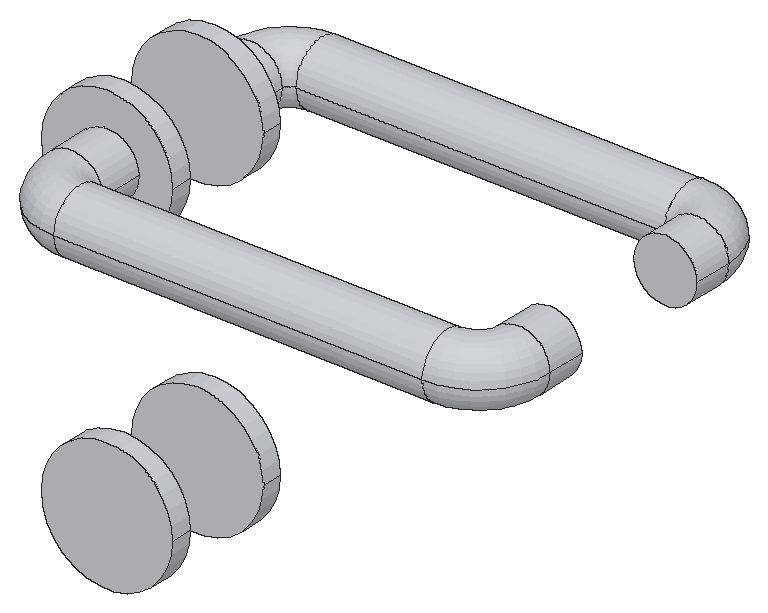
Revit family "Maçaneta da porta 1", category Portas, Revit 2019
Family settings
  Com base no plano de trabalho = Não
  Sempre na vertical = Sim
  Corte com vazios quando carregada = Não
  Compartilhado = Não
  Ponto de cálculo do ambiente = Não
Parameters (values of type "Puxador horizontal")
  Espessura do painel = 35 mm
  Distância do furo da trava = 120 mm
  Com furo para trava = yes
  Material do puxador = none
  Função = Interior
Reference planes
  plane 1 "Centro (Frente/Trás)": y = 5.614
  plane 2: z = 0
  plane 3 "Centro (Esquerda/Direita)": x = 0
  plane 4 "Topo do puxador": z = 170
  plane 5: z = 50
  plane 6: y = -11.886
  plane 7: y = 23.114
Forms (mm)
  Extrusion 1, solid, material <- "Material do puxador"
    sketch origin (0, 5.614, 0) x (1, 0, 0) y (0, 0, 1)
      loop
        circle (0, 170) r 25
    from 17.5 to 25.5
  Extrusion 2, solid, material <- "Material do puxador", visible <- "Com furo para trava"
    sketch origin (0, 0, -120) x (1, 0, 0) y (0, 0, 1)
      loop
        circle (0, 170) r 25
    from 11.886 to 19.886
  Sweep 3, solid, material <- "Material do puxador"
    path origin (0, 0, 1000) x (0, -1, 0) y (1, 0, 0)
      loop
        line (19.886, 0) -> (36.886, 0)
        arc (36.886, 0) -> (47.493, 4.393) -> (51.886, 15) r 15
        line (51.886, 15) -> (51.886, 155)
        arc (51.886, 155) -> (47.493, 165.607) -> (36.886, 170) r 15
        line (36.886, 170) -> (21.886, 170)
    profile origin (0, -28.386, 0) x (1, 0, 0) y (0, 0, 1)
      loop
        circle (0, 170) r 12
  Extrusion 4, solid, material <- "Material do puxador"
    sketch origin (0, 5.614, 0) x (1, 0, 0) y (0, 0, -1)
      loop
        circle (0, -170) r 25
    from 17.5 to 25.5
  Extrusion 5, solid, material <- "Material do puxador", visible <- "Com furo para trava"
    sketch origin (0, 11.228, -120) x (1, 0, 0) y (0, 0, -1)
      loop
        circle (0, -170) r 25
    from 11.886 to 19.886
  Sweep 6, solid, material <- "Material do puxador"
    path origin (0, 11.228, 1000) x (0, -1, 0) y (1, 0, 0)
      loop
        line (-19.886, 0) -> (-36.886, 0)
        arc (-36.886, 0) -> (-47.493, 4.393) -> (-51.886, 15) r 15
        line (-51.886, 15) -> (-51.886, 155)
        arc (-51.886, 155) -> (-47.493, 165.607) -> (-36.886, 170) r 15
        line (-36.886, 170) -> (-21.886, 170)
    profile origin (0, 39.614, 0) x (-1, 0, 0) y (0, 0, 1)
      loop
        circle (0, 170) r 12
Dimensions and locks
  "Distância do furo da trava": plane 4 "Topo do puxador" to plane 5
  locked: Sweep 3 sketch curve to Sweep 3 sketch curve at 170
  locked: plane 4 "Topo do puxador" to plane 2 at 170
  equal spacing: plane 7, plane 1 "Centro (Frente/Trás)", plane 6
  "Espessura do painel": plane 7 to plane 6
  locked: Extrusion 2 to Extrusion 2 at 8
  locked: Extrusion 1 to Extrusion 1 at 8
  locked: plane 6 to Sweep 3 sketch curve at 25
  locked: plane 6 to Sweep 3 sketch curve at 40
  locked: Sweep 6 sketch curve to Sweep 6 sketch curve at 170
  locked: Extrusion 5 to Extrusion 5 at 8
  locked: Extrusion 4 to Extrusion 4 at 8
  locked: plane 7 to Sweep 6 sketch curve at 40
  locked: Sweep 6 sketch curve to plane 7 at 25
  locked: Sweep 6 sketch curve to Sweep 6 sketch curve at 15
  locked: Sweep 6 sketch curve to plane 7 at 10
  plane 6 to Sweep 3 sketch curve to Sweep 3 sketch curve = 10 mm locked, 15 mm locked
  radius of Sweep 3 sketch curve = 15 mm  (x2)
  radius of Extrusion 2 sketch curve = 25 mm
  radius of Sweep 3 sketch curve = 12 mm
  radius of Sweep 6 sketch curve = 15 mm  (x2)
  radius of Extrusion 5 sketch curve = 25 mm
  radius of Sweep 6 sketch curve = 12 mm
  radius of Extrusion 4 sketch curve = 25 mm
  aligned and locked: plane 4 "Topo do puxador" to Sweep 3 sketch curve
  aligned and locked: plane 3 "Centro (Esquerda/Direita)" to Sweep 3 sketch curve
  aligned and locked: plane 3 "Centro (Esquerda/Direita)" to Extrusion 2 sketch curve
  aligned and locked: plane 6 to Extrusion 2
  aligned and locked: plane 3 "Centro (Esquerda/Direita)" to Extrusion 1 sketch curve
  aligned and locked: plane 4 "Topo do puxador" to Extrusion 1 sketch curve
  aligned and locked: plane 6 to Extrusion 1
  aligned and locked: Extrusion 1 to plane 6
  aligned and locked: Extrusion 4 to plane 7
  aligned and locked: Extrusion 5 to plane 7
  aligned and locked: plane 5 to Extrusion 5 sketch curve
  aligned and locked: plane 3 "Centro (Esquerda/Direita)" to Extrusion 5 sketch curve
  aligned and locked: plane 4 "Topo do puxador" to Extrusion 4 sketch curve
  aligned and locked: plane 3 "Centro (Esquerda/Direita)" to Extrusion 4 sketch curve
  aligned and locked: Extrusion 4 to Sweep 6 sketch curve
  aligned and locked: Extrusion 1 to Sweep 3 sketch curve
Automatic sketch dimensions
  Extrusion 2 sketch curve to plane 5 = 0 mm
  Sweep 3 sketch curve to plane 3 "Centro (Esquerda/Direita)" = 0 mm
  Sweep 6 sketch curve to plane 3 "Centro (Esquerda/Direita)" = 0 mm
  Sweep 6 sketch curve to profile plane = 0 mm
  radius of Extrusion 1 sketch curve = 25 mm
